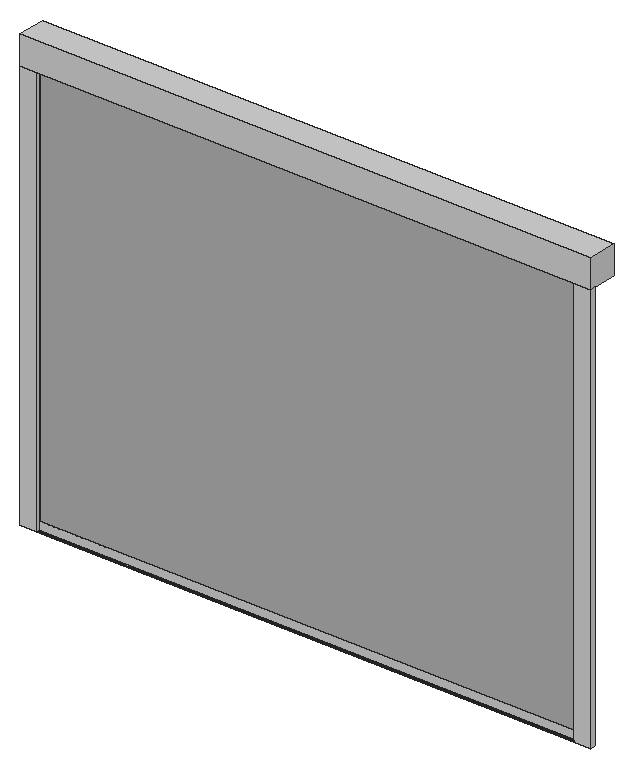
Revit family "Hose-Stream-Rated_Smoke-Fire-Curtain_DoorSystems_DSI-HS10B-Single-Roller-Headbox", category Doors, host Wall, Revit 2026
Family settings
  Host = Wall
  Classification Number = 23.30.60.17
  Always vertical = Yes
  Cut with Voids When Loaded = No
  Shared = No
  Room Calculation Point = No
Parameters (values of type "10" x 10" Head-box #2")
  Rough Width = 0' - 0"
  Rough Height = 0' - 0"
  Fire Rating = "1, 2, 3"
  Define Thermal Properties by = Schematic Type
  Clear Opening Width [instance] = 16' - 0"
  URL = "https://www.doorsysinc.com/"
  Specification = "https://www.arcat.com/company/door-systems-50183/spec"
  Type Model Notes [instance] = "As Specify"
  Invalid Model [instance] = no
  Clear Opening Height [instance] = 12' - 0"
  Curtain Height [instance] = if(Curtain Closed, Clear Opening Height, 0' 0 1/8")  # 12' - 0"
  Curtain Closed [instance] = yes
  Product Page URL = "https://www.arcat.com/arcatcos/cos50/arc50183.html"
  Mounting Method [instance] = "Per Manufactures standard"  # constant formula
  Model = "DSI-HS10B"  # constant formula
  Maximum Size [instance] = ""
  Manufacturer = "Door Systems"
  Keynote = "08 33 44"
  FrameDepth = 0' - 2"
  Frame Width = 0' - 6"
  Wall Closure = By host
  Frame Finish [instance] = Metal - Steel - Primer Finish
  Fire Performance = "UL 10B"  # constant formula
  Description = "Hose Stream Rated Smoke and Fire Curtain"  # constant formula
  CurtainDrop_Viz = yes
  Curtain Offset [instance] = 0' - 0"
  Curtain Finish [instance] = Fabric - DoorSystemsInc - Grey Smoke Curtain
  Copyright = "ARCAT 2022"  # constant formula
  CAD Details = "https://www.arcat.com/company/door-systems-50183/cad"
  Available Options [instance] = "as Specified"
  HeadBox_Height = 0' - 10"
  HeadBox_Depth = 0' - 10"
  Analytic Construction = "<None>"
Types (2): name | Clear Opening Height | Curtain Height | HeadBox_Height | HeadBox_Depth
  9" x 9" Head-box #1 | 10' - 0" | 10' - 0" | 0' - 9" | 0' - 9"
  10" x 10" Head-box #2 | 12' - 0" | 12' - 0" | 0' - 10" | 0' - 10"
Reference planes (in)
  plane 1 "Center (Front/Back)": y = 0
  plane 2 "Center (Left/Right)": x = 0
  plane 3 "Left": x = -100
  plane 4 "Right": x = 100
  plane 5 "Top": z = 144
  plane 6 "Exterior": y = 1
  plane 7 "Interior": y = -5
  plane 8: y = 11
  plane 9: z = 0
  plane 10: y = 3
  plane 11 "2": z = 154
  plane 12 "DoorOffset": y = 2
  plane 13: y = 1
  plane 14: y = 2
  plane 15: y = 1
  plane 16: z = 0
  plane 17: x = -96
  plane 18: x = 96
Forms (in)
  Extrusion 1, solid, material "Fabric - DoorSystemsInc - Grey Smoke Curtain" <- "Curtain Finish"
    sketch origin (0, 0, 0) x (1, 0, 0) y (0, 1, 0)
      loop
        line (-95.25, 2.07812) -> (-95.25, 1.92187) -> (95.25, 1.92187) -> (95.25, 2.07812) -> (-95.25, 2.07812)
    from 0 to 144
  Sweep 2, solid, material "Metal - Steel - Primer Finish" <- "Frame Finish"
    path origin (0, 0, 0) x (1, 0, 0) y (0, 0, 1)
      loop
        line (-100, 144) -> (100, 144)
    profile origin (0, 0, 144) x (0, 0, 1) y (0, -1, 0)
      loop
        line (10, -1) -> (0, -1) -> (0, -11) -> (10, -11) -> (10, -1)
  Sweep 3, solid, material "Metal - Steel - Primer Finish" <- "Frame Finish"
    path origin (0, 0, 0) x (1, 0, 0) y (0, 0, 1)
      loop
        line (0, 144) -> (0, 0)
    profile origin (0, 0, 72) x (0, -1, 0) y (1, 0, 0)
      loop
        line (-1, -100) -> (-1, -94) -> (-1.875, -94) -> (-1.875, -95.25) -> (-2.125, -95.25) -> (-2.125, -94) -> (-3, -94) -> (-3, -100) -> (-1, -100)
      loop
        line (-1, 100) -> (-3, 100) -> (-3, 94) -> (-2.125, 94) -> (-2.125, 95.25) -> (-1.875, 95.25) -> (-1.875, 94) -> (-1, 94) -> (-1, 100)
  Sweep 4, solid, material "Metal - Steel - Primer Finish" <- "Frame Finish", visible <- "CurtainDrop_Viz"
    path origin (0, 0, 0) x (1, 0, 0) y (0, 1, 0)
      loop
        line (94, 2) -> (-94, 2)
    profile origin (0, 2, 0) x (0, -1, 0) y (0, 0, 1)
      loop
        line (-1, 0.125) -> (-1, 0) -> (-0.07812, 0) -> (-0.07812, 3) -> (-0.20312, 3) -> (-0.20312, 0.125) -> (-1, 0.125)
      loop
        line (1, 0) -> (1, 0.125) -> (0.20313, 0.125) -> (0.20313, 3) -> (0.07813, 3) -> (0.07813, 0) -> (1, 0)
Lines and regions (in)
  Opening 1
    outline origin (-84.5, -5, 0) x (1, 0, 0) y (0, 0, 1)
      loop
        line (-15.5, 0) -> (184.5, 0) -> (184.5, 154) -> (-15.5, 154) -> (-15.5, 0)
Text (in)
  text "Exterior" at (-74.96733, 27.31104, 0), in view "Ref. Level"
  text "Interior" at (-74.96733, -25.14366, 0), in view "Ref. Level"
  text "Exterior" at (0, 40.15149, 123.01588), in view "Right"
  text "Interior" at (0, -64.39139, 123.01588), in view "Right"
  text "Interior" at (0, -31.01599, 123.00693), in view "Left"
  text "Exterior" at (0, 54.57065, 123.00693), in view "Left"
Dimensions and locks (in)
  equal spacing: plane 3 "Left", plane 2 "Center (Left/Right)", plane 4 "Right"
  "Clear Opening Height": level to plane 5 "Top"
  "HeadBox_Depth": plane 8 to plane 15
  locked: Extrusion 1 sketch curve to Extrusion 1 sketch curve at 0.15625
  "HeadBox_Height": plane 5 "Top" to plane 11 "2"
  equal spacing: Extrusion 1 sketch curve, plane 12 "DoorOffset", Extrusion 1 sketch curve
  locked: plane 13 to plane 15
  "FrameDepth": plane 10 to plane 13
  "Frame Width": plane 3 "Left" to Sweep 3 sketch curve
  "Frame Width": Sweep 3 sketch curve to plane 4 "Right"
  equal spacing: plane 13, plane 14, plane 10
  locked: Sweep 3 sketch curve to Sweep 3 sketch curve at 1.25  (x2)
  equal spacing: Sweep 3 sketch curve, plane 14, Sweep 3 sketch curve
  locked: Sweep 3 sketch curve to Sweep 3 sketch curve at 0.25
  equal spacing: plane 10, plane 12 "DoorOffset", plane 13
  "Frame Width": Sweep 4 sketch curve to plane 4 "Right"
  "Frame Width": plane 3 "Left" to Sweep 4 sketch curve
  locked: Sweep 4 sketch curve to Sweep 4 sketch curve at 0.125
  "Curtain Offset": plane 6 "Exterior" to plane 13
  "Curtain Height": plane 5 "Top" to plane 16
  locked: Sweep 4 sketch curve to plane 16 at 3
  locked: Sweep 4 sketch curve to plane 16 at 0.125
  equal spacing: plane 18, plane 2 "Center (Left/Right)", plane 17
  "Clear Opening Width": plane 18 to plane 17
  locked: plane 17 to plane 3 "Left" at 4
  aligned and locked: Opening 1 sketch curve to level
  aligned and locked: plane 6 "Exterior" to host wall
  aligned and locked: host wall to plane 7 "Interior"
  aligned and locked: plane 9 to level
  aligned and locked: Extrusion 1 to plane 5 "Top"
  aligned and locked: Sweep 2 sketch curve to plane 5 "Top"
  aligned and locked: plane 4 "Right" to Sweep 2 sketch curve
  aligned and locked: plane 3 "Left" to Sweep 2 sketch curve
  aligned and locked: plane 11 "2" to Sweep 2 sketch curve
  aligned and locked: plane 8 to Sweep 2 sketch curve
  aligned and locked: plane 5 "Top" to Sweep 2 sketch curve
  aligned and locked: Sweep 3 sketch curve to plane 2 "Center (Left/Right)"
  aligned and locked: plane 9 to Sweep 3 sketch curve
  aligned and locked: plane 5 "Top" to Sweep 3 sketch curve
  aligned and locked: plane 3 "Left" to Sweep 3 sketch curve
  aligned and locked: plane 10 to Sweep 3 sketch curve  (x2)
  aligned and locked: Sweep 3 sketch curve to plane 13
  aligned and locked: plane 4 "Right" to Sweep 3 sketch curve
  aligned and locked: plane 13 to Sweep 3 sketch curve
  aligned and locked: Sweep 3 sketch curve to Sweep 3 sketch curve  (x4)
  aligned and locked: Sweep 4 sketch curve to plane 12 "DoorOffset"
  aligned and locked: Sweep 4 sketch curve to plane 10
  aligned and locked: Sweep 4 sketch curve to plane 13
  aligned and locked: Extrusion 1 to Sweep 4 sketch curve  (x2)
  aligned and locked: Sweep 4 sketch curve to Sweep 4 sketch curve
  aligned and locked: Sweep 3 to Extrusion 1 sketch curve  (x2)
  aligned and locked: Sweep 2 sketch curve to plane 15
  aligned and locked: plane 16 to Sweep 4 sketch curve  (x2)
  aligned and locked: Extrusion 1 to plane 16
  aligned and locked: Opening 1 sketch curve to plane 3 "Left"
  aligned and locked: Opening 1 sketch curve to plane 11 "2"
  aligned and locked: Opening 1 sketch curve to plane 4 "Right"
Automatic sketch dimensions
  Sweep 4 sketch curve to Sweep 4 sketch curve = 0' - 0 1/8"
  Sweep 4 sketch curve to Sweep 4 sketch curve = 0' - 0"
